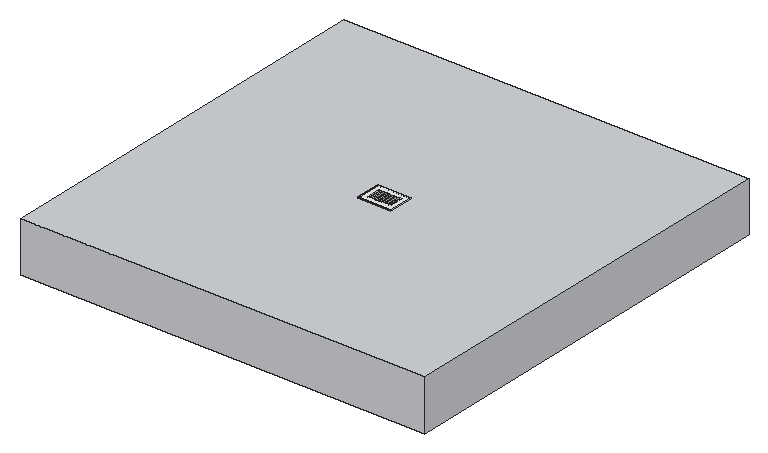
Revit family
Parameters (values of type "T64")
  Version = 2
  Rear Blade Spacing = 3/4"
  Product Page URL = "http://www.tuttleandbailey.com/site/site/ecatalog.aspx?model=9fc6c924-8a65-40ed-a760-111e1c720b0b"
  Overall Width [instance] = Duct Inlet Width + 0' 1 3/4"  # 0' - 7 3/4"
  Overall Height [instance] = Duct Inlet Height + 0' 1 3/4"  # 0' - 5 3/4"
  Overall Depth = 0' - 1 3/4"  # constant formula
  Location [instance] = ""
  Frame Void Offset = if(Front Blade Spacing = 0' 0 1/2", 0' 1 1/4", 0' 1 3/16")  # 0' - 1 3/16"
  Duct Inlet Width [instance] = if(Inlet Width < Minimum Inlet Width, Minimum Inlet Width, if(Inlet Width > Maximum Inlet Width, Maximum Inlet Width, Inlet Width))  # 6"
  Duct Inlet Height [instance] = if(Inlet Height < Minimum Inlet Height, Minimum Inlet Height, if(Inlet Height > Maximum Inlet Height, Maximum Inlet Height, Inlet Height))  # 4"
  Inlet Width [instance] = 6"
  Inlet Velocity [instance] = Design Supply Air Flow / (Inlet Width * Inlet Height)  # 0 FPM
  Inlet Height [instance] = 4"
  Grille Depth = Overall Depth - (Frame Thickness)  # 0' - 1 1/2"
  Vertical Blade Offset [instance] = if(Right Vertical Blade Array = Left Vertical Blade Array, 0' 0", Front Blade Spacing / 2)  # 0"
  Velocity Pressure [instance] = 0.00 in-wg
  Top Horizontal Blade Array [instance] = if(Duct Inlet Height = 0' 6", Number of Horizontal Blades / 2, if(Duct Inlet Height = 1' 0", Number of Horizontal Blades / 2, if(Duct Inlet Height = 1' 6", Number of Horizontal Blades / 2, if(Duct Inlet Height = 2' 0", Number of Horizontal Blades / 2, if(Duct Inlet Height = 2' 6", Number of Horizontal Blades / 2, (Number of Horizontal Blades / 2) - 1)))))  # 2
  Right Vertical Blade Array [instance] = Number of Vertical Blades / 2  # 4
  Opening Width [instance] = Overall Width - (Frame Width * 2)  # 5 1/4"
  Opening Height [instance] = Overall Height - (Frame Width * 2)  # 3 1/4"
  Number of Vertical Blades [instance] = Opening Width / Front Blade Spacing  # 7
  Number of Horizontal Blades [instance] = (Opening Height / Rear Blade Spacing) + 1  # 5
  URL = "http://www.tuttleandbailey.com"
  Type Comments = ""
  Total Static Pressure [instance] = 0.00 in-wg
  Throw [instance] = ""
  Supply Air Pressure Drop [instance] = 0.00 in-wg
  Series = "Tri-Flex"  # constant formula
  Minimum Inlet Width = 0' 6"  # 6"
  Minimum Inlet Height = 0' 4"  # 4"
  Maximum Inlet Width = 12' 0"  # 144"
  Maximum Inlet Height = 8' 0"  # 96"
  Material = Steel - Tuttle & Bailey - White
  Noise Criteria (dB) [instance] = 0
  Model = "T64-SF-WH"
  Min Flow = 0 CFM
  Max Flow = 0 CFM
  Manufacturer Complete Model Number [instance] = ""
  Manufacturer = "Tuttle & Bailey"  # constant formula
  Left Vertical Blade Array [instance] = if(Duct Inlet Width = 0' 8", (Number of Vertical Blades / 2) + 1, if(Duct Inlet Width = 0' 10", (Number of Vertical Blades / 2) + 1, if(Duct Inlet Width = 1' 4", (Number of Vertical Blades / 2) + 1, if(Duct Inlet Width = 1' 10", (Number of Vertical Blades / 2) + 1, if(Duct Inlet Width = 2' 4", (Number of Vertical Blades / 2) + 1, if(Duct Inlet Width = 2' 10", (Number of Vertical Blades / 2) + 1, Number of Vertical Blades / 2))))))  # 4
  Horizonal Blade Offset [instance] = if(Bottom Horizontal Blade Array = Top Horizontal Blade Array, 0' 0", Rear Blade Spacing / 2)  # 3/8"
  Front Blade Spacing = 3/4"
  Frame Width = 1 1/4"
  Frame Thickness = 1/4"
  Design Supply Air Flow [instance] = 0 CFM
  Description = "Double Deflection Adjustable Grille"
  Default Elevation = 8' - 0"
  Bottom Horizontal Blade Array [instance] = if(Duct Inlet Height = 1' 2", ((Number of Horizontal Blades / 2) - 1), if(Duct Inlet Height = 1' 8", ((Number of Horizontal Blades / 2) - 1), if(Duct Inlet Height = 2' 2", ((Number of Horizontal Blades / 2) - 1), if(Duct Inlet Height = 2' 8", ((Number of Horizontal Blades / 2) - 1), if(Duct Inlet Height = 3' 2", ((Number of Horizontal Blades / 2) - 1), if(Duct Inlet Height = 3' 8", ((Number of Horizontal Blades / 2) - 1), Number of Horizontal Blades / 2))))))  # 3
  Border Type = "Surface Mount"
  Blade Thickness = if(Front Blade Spacing = 0' 0 1/2", 0' 0 3/32", 0' 0 1/32")  # 0' - 0 1/32"
  Blade Deflection [instance] = 0.00°
  Grille Size Available [instance] = if(Inlet Width < Minimum Inlet Width, "Not Available", if(Inlet Width > Maximum Inlet Width, "Not Available", if(Inlet Height < Minimum Inlet Height, "Not Available", if(Inlet Height > Maximum Inlet Height, "Not Available", if(Inlet Width > 4' 0", "Multiple Sections", if(Inlet Height > 4' 0", "Multiple Sections", "Yes"))))))  # "Yes"
  Assembly Code = "D3040100"
  Arrow [instance] = yes
Types (3): name | Product Page URL | Frame Void Offset | Right Vertical Blade Array | Number of Vertical Blades | Material | Model | Left Vertical Blade Array | Front Blade Spacing | Description | Blade Thickness
  T64 | "http://www.tuttleandbailey.com/site/site/ecatalog.aspx?model=9fc6c924-8a65-40ed-a760-111e1c720b0b" | 0' - 1 3/16" | 4 | 7 | Steel - Tuttle & Bailey - White | "T64-SF-WH" | 4 | 3/4" | "Double Deflection Adjustable Grille" | 0' - 0 1/32"
  A64 | "http://www.tuttleandbailey.com/site/site/ecatalog.aspx?model=0fb1d56c-c2da-43d3-8915-31a505e8524f" | 0' - 1 3/16" | 4 | 7 | Aluminum - Tuttle & Bailey - White | "A64-SF-WH" | 4 | 3/4" | "Double Deflection Adjustable Grille" | 0' - 0 1/32"
  T155V | "http://www.tuttleandbailey.com/site/site/ecatalog.aspx?model=0aa156c3-c1ee-401e-a658-097c6ef32f62" | 0' - 1 1/4" | 6 | 11 | Steel - Tuttle & Bailey - White | "T155V-SF-WH" | 6 | 1/2" | "Double Deflection Heavy Duty Adjustable Grille" | 0' - 0 3/32"
Reference planes (in)
  plane 1 "Center (Front/Back)": y = 0
  plane 2 ".": z = 0
  plane 3 "Center (Left/Right)": x = 0
  plane 4: z = 0.25
  plane 5: z = -1.5
  plane 6: x = 3.875
  plane 7: x = -3.875
  plane 8: y = 2.875
  plane 9: y = -2.875
  plane 10: z = 3.25
  plane 11: x = 1.5
  plane 12: x = -1.5
  plane 13: z = 23.25
  plane 14: z = -1.27721
  plane 15: z = 15.25
  plane 16: z = -0.65221
  plane 17: y = 0.375
  plane 18: x = 0
Forms (in)
  Extrusion 1, solid
    sketch origin (0, 0, 0) x (1, 0, 0) y (0, 1, 0)
      loop
        line (-48, 48) -> (-48, -48) -> (48, -48) -> (48, 48) -> (-48, 48)
    from 0 to -12
  Sweep 2, solid, material "Steel - Tuttle & Bailey - White" <- "Material"
    path origin (0, 0, 0.1875) x (1, 0, 0) y (0, 1, 0)
      loop
        line (-3.875, 2.875) -> (-3.875, -2.875) -> (3.875, -2.875) -> (3.875, 2.875) -> (-3.875, 2.875)
    profile origin (0, 2.875, 0.1875) x (0, 1, 0) y (0, 0, 1)
      loop
        line (-0.0625, -0.1875) -> (0, -0.1875) -> (0, 0.0625) -> (-1.25, 0.0625) -> (-1.25, -1.6875) -> (-1.125, -1.6875) -> (-1.125, 0) -> (-0.0625, 0) -> (-0.0625, -0.1875)
  Sweep 3, void
    path origin (0, 0, 0) x (1, 0, 0) y (0, 1, 0)
      loop
        line (-3.875, 2.875) -> (-3.875, -2.875) -> (3.875, -2.875) -> (3.875, 2.875) -> (-3.875, 2.875)
    profile origin (0, 2.875, 0) x (0, 1, 0) y (0, 0, 1)
      loop
        line (-1.1875, -1.5) -> (-1.125, -1.5) -> (-1.125, 0.1875) -> (-1.1875, 0.1875) -> (-1.1875, -1.5)
Cuts and joins
  Sweep 3 cuts Sweep 2
Lines and regions (in)
  model lines, visible <- "Arrow"
    curve 1: line (0, 0, 3.25) -> (0, 0, 15.25)
    curve 2: line (1.5, 0, 15.25) -> (-1.5, 0, 15.25)
    curve 3: line (-1.5, 0, 15.25) -> (0, 0, 23.25)
    curve 4: line (1.5, 0, 15.25) -> (0, 0, 23.25)
  symbolic lines, detail levels coarse+medium
    curve 5: line (-3, 0, 0.25) -> (3, 0, 0.25)
  symbolic lines
    curve 6: line (-3.875, 0, 0) -> (3.875, 0, 0)
  symbolic lines, detail levels fine
    curve 7: line (-3.875, 0, 0.25) -> (3.875, 0, 0.25)
    curve 8: line (-3.875, 0, 0.25) -> (-3.875, 0, 0)
    curve 9: line (3.875, 0, 0) -> (3.875, 0, 0.25)
Dimensions and locks (in)
  locked: Sweep 2 sketch curve to Sweep 2 sketch curve at 0.0625
  locked: Sweep 2 sketch curve to Sweep 2 sketch curve at 0.125
  "Overall Width": Sweep 2 sketch curve to Sweep 2 sketch curve
  equal spacing: Sweep 2 sketch curve, plane 3 "Center (Left/Right)", Sweep 2 sketch curve
  "Overall Height": Sweep 2 sketch curve to Sweep 2 sketch curve
  equal spacing: Sweep 2 sketch curve, plane 1 "Center (Front/Back)", Sweep 2 sketch curve
  locked: Sweep 2 sketch curve to profile plane at 0
  "Overall Width": plane 7 to plane 6
  equal spacing: plane 7, plane 3 "Center (Left/Right)", plane 6
  "Overall Height": plane 8 to plane 9
  equal spacing: plane 8, plane 1 "Center (Front/Back)", plane 9
  locked: plane 14 to plane 5 at 0.22279
  "Frame Width": Sweep 2 sketch curve to plane 8
  locked: Sweep 2 sketch curve to plane 4 at 0.0625
  locked: plane 16 to plane 14 at 0.625
  "Vertical Blade Offset": plane 3 "Center (Left/Right)" to plane 18
  "Horizonal Blade Offset": plane 1 "Center (Front/Back)" to plane 17
  equal spacing: curve 5, plane 3 "Center (Left/Right)", curve 5
  "Duct Inlet Width": curve 5 to curve 5
  "Grille Depth": plane 2 "." to plane 5
  "Frame Thickness": plane 4 to plane 2 "."
  plane 4 to Sweep 2 sketch curve = 0' - 0 1/16"
  "Grille Depth": plane 2 "." to Sweep 2 sketch curve
  group 2 to group 1 = 0' - 0"
  group 1 to group 2 = 0' - 0 3/4"
  group 1 to group 2 = 0' - 0"
  "Rear Blade Spacing": nested 1 to nested 3
  equal spacing: group 4, group 3, group 1  (x2)
  equal spacing: group 1, group 3, group 4
  "Rear Blade Spacing": nested 4 to nested 1
  equal spacing: group 5, group 6, group 7, group 10  (x3)
  "Front Blade Spacing": nested 6 to nested 2
  equal spacing: group 11, group 9, group 8, group 5
  equal spacing: group 5, group 8, group 9, group 11  (x2)
  "Front Blade Spacing": nested 2 to nested 8
  locked: curve 8 to plane 4
  locked: plane 2 "." to curve 8
  plane 15 to plane 10 to plane 2 "." = 1' - 0" locked, 0' - 3 1/4" locked
  locked: plane 13 to plane 15 at 8
  equal spacing: plane 11, plane 3 "Center (Left/Right)", plane 12, locked at 1.5 each
  locked: Sweep 3 sketch curve to Sweep 3 sketch curve at 0.0625
  "Frame Void Offset": Sweep 3 sketch curve to plane 8
  aligned and locked: plane 2 "." to Extrusion 1
  aligned and locked: level to Extrusion 1
  aligned and locked: plane 4 to Sweep 2  (x2)
  aligned and locked: plane 8 to Sweep 2
  aligned and locked: Sweep 2 to plane 9
  aligned and locked: level to plane 2 "."
  aligned and locked: Sweep 2 to nested 1
  aligned and locked: nested 1 to plane 17
  aligned and locked: nested 2 to plane 18
  aligned and locked: plane 7 to curve 6
  aligned and locked: plane 3 "Center (Left/Right)" to curve 1
  aligned and locked: curve 2 to plane 15
  aligned and locked: Sweep 2 to nested 2
  aligned and locked: Sweep 2 sketch curve to plane 2 "."
  aligned and locked: plane 4 to Sweep 2 sketch curve
  aligned and locked: curve 5 to plane 4
  aligned and locked: nested 1 to plane 16
  aligned and locked: nested 1 to plane 14
  aligned and locked: nested 3 to plane 16
  aligned and locked: nested 3 to plane 14
  aligned and locked: nested 5 to plane 16
  aligned and locked: nested 5 to plane 14
  aligned and locked: Sweep 2 to Sweep 2
  aligned and locked: nested 2 to Sweep 2
  aligned and locked: nested 6 to Sweep 2
  aligned and locked: nested 7 to Sweep 2
  aligned and locked: nested 8 to Sweep 2
  aligned and locked: nested 9 to Sweep 2
  aligned and locked: curve 8 to Sweep 2
  aligned and locked: curve 9 to Sweep 2
  aligned and locked: plane 4 to curve 9
  aligned and locked: plane 2 "." to curve 9
  aligned and locked: plane 11 to curve 4
  aligned and locked: plane 15 to curve 1
  aligned and locked: plane 10 to curve 1
  aligned and locked: Sweep 2 to Sweep 3 sketch curve
  aligned and locked: Sweep 3 sketch curve to Sweep 2  (x4)
  aligned and locked: plane 5 to Sweep 3 sketch curve
  aligned and locked: cut or joined group of Sweep 2, Sweep 3 to nested 6  (x8)
  aligned and locked: nested 6 to cut or joined group of Sweep 2, Sweep 3  (x2)
  aligned and locked: cut or joined group of Sweep 2, Sweep 3 to nested 8  (x8)
  aligned and locked: nested 8 to cut or joined group of Sweep 2, Sweep 3  (x2)
Automatic sketch dimensions
  Extrusion 1 sketch curve to Extrusion 1 sketch curve = 8' - 0"  (x2)
  curve 4 to plane 3 "Center (Left/Right)" = 0' - 0"
  plane 13 to curve 3 = 0' - 0"
  curve 2 to plane 12 = 0' - 0"
Nested families (in)
  nested 1: "Tuttle_and_Bailey-Louver-Horizontal" at (0, 0.375, -0.65221), type "Tuttle_and_Bailey-Louver-Horizontal", detail levels fine
  nested 2: "Tuttle_and_Bailey-Louver-Vertical" at (0, 0, 0.1875) x (0, 1, 0) z (0, 0, 1), type "Tuttle_and_Bailey-Louver-Vertical", detail levels fine
  nested 3: "Tuttle_and_Bailey-Louver-Horizontal" at (0, 1.125, -0.65221), type "Tuttle_and_Bailey-Louver-Horizontal", detail levels fine
  nested 4: "Tuttle_and_Bailey-Louver-Horizontal" at (0, -0.375, -0.65221), type "Tuttle_and_Bailey-Louver-Horizontal", detail levels fine
  nested 5: "Tuttle_and_Bailey-Louver-Horizontal" at (0, -1.125, -0.65221), type "Tuttle_and_Bailey-Louver-Horizontal", detail levels fine
  nested 6: "Tuttle_and_Bailey-Louver-Vertical" at (0.75, 0, 0.1875) x (0, 1, 0) z (0, 0, 1), type "Tuttle_and_Bailey-Louver-Vertical", detail levels fine
  nested 7: "Tuttle_and_Bailey-Louver-Vertical" at (1.5, 0, 0.1875) x (0, 1, 0) z (0, 0, 1), type "Tuttle_and_Bailey-Louver-Vertical", detail levels fine
  nested 8: "Tuttle_and_Bailey-Louver-Vertical" at (-0.75, 0, 0.1875) x (0, 1, 0) z (0, 0, 1), type "Tuttle_and_Bailey-Louver-Vertical", detail levels fine
  nested 9: "Tuttle_and_Bailey-Louver-Vertical" at (-1.5, 0, 0.1875) x (0, 1, 0) z (0, 0, 1), type "Tuttle_and_Bailey-Louver-Vertical", detail levels fine
  nested 10: "Tuttle_and_Bailey-Louver-Vertical" at (2.25, 0, 0.1875) x (0, 1, 0) z (0, 0, 1), type "Tuttle_and_Bailey-Louver-Vertical", detail levels fine
  nested 11: "Tuttle_and_Bailey-Louver-Vertical" at (-2.25, 0, 0.1875) x (0, 1, 0) z (0, 0, 1), type "Tuttle_and_Bailey-Louver-Vertical", detail levels fine
Connectors (in)
  hvac at (0, 0, 0), driven by "Supply Air Pressure Drop", driven by "Design Supply Air Flow", driven by "Inlet Height", driven by "Inlet Width"
    settings: on Sweep 2, index 1, duct flow 0 CFM, flow factor 0, pres drop 0.00 in-wg, loss coef 0, conn angle 0.00°, conn width 6", conn height 4", conn radius 12", duct sys type 1, conn prof type 1, flow config 1, flow direction 1, loss method 4, conn ref index -1, conn util no, is conn primary yes, conn desc "Supply Air Inlet Connection"
Definition of nested family "Tuttle_and_Bailey-Louver-Horizontal"
  Parameters (values of type "Tuttle_and_Bailey-Louver-Horizontal")
    URL = "http://www.titus-hvac.com"
    Nominal Inlet Width = 5 1/4"
    Nominal Inlet Height = 5 1/4"
    Nominal Depth = 0' - 0 5/8"
    Model = "300 RL"
    Material = Steel - Tuttle & Bailey - White
    Manufacturer = "Titus"  # constant formula
    Description = "Louver"
    CADworks URL = "http://www.CADworks.net"
    Blade Thickness = 0' - 0 1/32"
    Assembly Code = "D3040100"
  Reference planes (in)
    plane 1 "Center (Front/Back)": y = 0
    plane 2: z = 0
    plane 3 "Center (Left/Right)": x = 0
    plane 4: z = -0.625
    plane 5: x = -2.625
    plane 6: x = 2.625
  Forms (in)
    Extrusion 1, solid, material "Steel - Tuttle & Bailey - White" <- "Material"
      sketch origin (0, 0, 0) x (0, 1, 0) y (0, 0, 1)
        loop
          line (-0.01563, -0.625) -> (0.01562, -0.625) -> (0.04116, -0.04208)
          arc (0.04116, -0.04208) -> (0, 0) -> (-0.04116, -0.04208) r 0.04117
          line (-0.04116, -0.04208) -> (-0.01563, -0.625)
      from -2.625 to 2.625
  Dimensions and locks (in)
    locked: plane 2 to Extrusion 1 sketch curve at 0
    "Nominal Depth": plane 2 to plane 4
    equal spacing: plane 6, plane 3 "Center (Left/Right)", plane 5
    "Nominal Inlet Width": plane 6 to plane 5
    equal spacing: Extrusion 1 sketch curve, plane 1 "Center (Front/Back)", Extrusion 1 sketch curve
    "Blade Thickness": Extrusion 1 sketch curve to Extrusion 1 sketch curve
    Extrusion 1 sketch curve to Extrusion 1 sketch curve = 0' - 0.08233"
    aligned and locked: plane 4 to Extrusion 1 sketch curve
    aligned and locked: Extrusion 1 to plane 5
    aligned and locked: Extrusion 1 to plane 6
  Automatic sketch dimensions
    Extrusion 1 sketch curve to plane 1 "Center (Front/Back)" = 0' - 0"
    plane 1 "Center (Front/Back)" to Extrusion 1 sketch curve = 0' - 0.04116"
    Extrusion 1 sketch curve to level = 0' - 0.04208"
    Extrusion 1 sketch curve to Extrusion 1 sketch curve = 0' - 0.0009"
Definition of nested family "Tuttle_and_Bailey-Louver-Vertical"
  Parameters (values of type "Tuttle_and_Bailey-Louver-Vertical")
    URL = "http://www.titus-hvac.com"
    Nominal Inlet Width = 3 1/4"
    Nominal Inlet Height = 5 1/4"
    Nominal Depth = 0' - 0 5/8"
    Model = "300 RL"
    Material = Steel - Tuttle & Bailey - White
    Manufacturer = "Titus"  # constant formula
    Description = "Louver"
    CADworks URL = "http://www.CADworks.net"
    Blade Thickness = 0' - 0 1/32"
    Assembly Code = "D3040100"
  Reference planes (in)
    plane 1 "Center (Front/Back)": y = 0
    plane 2: z = 0
    plane 3 "Center (Left/Right)": x = 0
    plane 4: z = -0.625
    plane 5: x = -1.625
    plane 6: x = 1.625
  Forms (in)
    Extrusion 1, solid, material "Steel - Tuttle & Bailey - White" <- "Material"
      sketch origin (0, 0, 0) x (0, 1, 0) y (0, 0, 1)
        loop
          line (-0.01563, -0.625) -> (0.01562, -0.625) -> (0.04116, -0.04208)
          arc (0.04116, -0.04208) -> (0, 0) -> (-0.04116, -0.04208) r 0.04117
          line (-0.04116, -0.04208) -> (-0.01563, -0.625)
      from -1.625 to 1.625
  Dimensions and locks (in)
    locked: plane 2 to Extrusion 1 sketch curve at 0
    "Nominal Depth": plane 2 to plane 4
    equal spacing: plane 6, plane 3 "Center (Left/Right)", plane 5
    "Nominal Inlet Width": plane 6 to plane 5
    equal spacing: Extrusion 1 sketch curve, plane 1 "Center (Front/Back)", Extrusion 1 sketch curve
    "Blade Thickness": Extrusion 1 sketch curve to Extrusion 1 sketch curve
    locked: Extrusion 1 sketch curve to Extrusion 1 sketch curve at 0.08233
    aligned and locked: plane 4 to Extrusion 1 sketch curve
    aligned and locked: Extrusion 1 to plane 5
    aligned and locked: Extrusion 1 to plane 6
  Automatic sketch dimensions
    Extrusion 1 sketch curve to plane 1 "Center (Front/Back)" = 0' - 0"
    plane 1 "Center (Front/Back)" to Extrusion 1 sketch curve = 0' - 0.04116"
    Extrusion 1 sketch curve to level = 0' - 0.04208"
    Extrusion 1 sketch curve to Extrusion 1 sketch curve = 0' - 0.0009"
